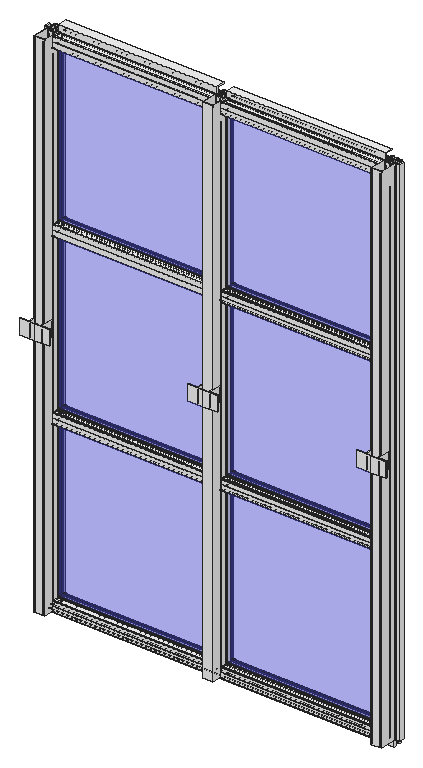
Revit family "Facade_60_Curtain_Wall_I23_Custom", category Windows, host Wall, Revit 2014 (continued)
Definition of nested family "F60 Horizontal Profile Middle_I23_Cust"
  Forms (mm)
    Extrusion 4, solid, material <- "Profile Material"
      sketch origin (0, 0, 0) x (0, 1, 0) y (0, 0, 1)
        loop
          arc (-42.8, 35.551) -> (-43.034, 34.985) -> (-43.6, 34.751) r 0.8
          line (-43.6, 34.751) -> (-58.5, 34.751)
          arc (-58.5, 34.751) -> (-59.066, 34.516) -> (-59.3, 33.951) r 0.8
          line (-59.3, 33.951) -> (-59.3, 32.902) -> (-42.8, 32.902) -> (-42.8, 27.1) -> (-59.3, 27.1) -> (-59.3, 26.049)
          arc (-59.3, 26.049) -> (-59.066, 25.484) -> (-58.5, 25.249) r 0.8
      from 0 to 250 <- "Length"
    Extrusion 5, solid, material <- "Thermal Break Material", visible <- "Single Glazing"
      sketch origin (0, 0, 0) x (0, 1, 0) y (0, 0, 1)
        loop
          arc (-63.8, 25.751) -> (-63.654, 25.397) -> (-63.3, 25.251) r 0.5
          line (-63.3, 25.251) -> (-59.8, 25.251)
          arc (-59.8, 25.251) -> (-59.446, 25.397) -> (-59.3, 25.751) r 0.5
          line (-59.3, 25.751) -> (-59.3, 27.648) -> (-49.599, 27.648) -> (-47.528, 28.651)
          arc (-47.528, 28.651) -> (-46.803, 30.001) -> (-47.528, 31.351) r 1.62
          line (-47.528, 31.351) -> (-49.599, 32.353) -> (-59.3, 32.353) -> (-59.3, 34.251)
          arc (-59.3, 34.251) -> (-59.446, 34.604) -> (-59.8, 34.751) r 0.5
          line (-59.8, 34.751) -> (-63.3, 34.751)
          arc (-63.3, 34.751) -> (-63.654, 34.604) -> (-63.8, 34.251) r 0.5
          line (-63.8, 34.251) -> (-63.8, 32.328) -> (-62.4, 31.52) -> (-62.4, 28.483) -> (-63.8, 27.673) -> (-63.8, 25.751)
        loop
          line (-59.794, 28.506) -> (-59.006, 29.294)
          arc (-59.006, 29.294) -> (-58.788, 29.618) -> (-58.713, 30.001) r 0.986
          arc (-58.713, 30.001) -> (-58.79, 30.384) -> (-59.008, 30.71) r 1.007
          line (-59.008, 30.71) -> (-59.794, 31.496) -> (-60.65, 31.496)
          arc (-60.65, 31.496) -> (-61.004, 31.349) -> (-61.15, 30.996) r 0.5
          line (-61.15, 30.996) -> (-61.15, 29.006)
          arc (-61.15, 29.006) -> (-61.004, 28.652) -> (-60.65, 28.506) r 0.5
          line (-60.65, 28.506) -> (-59.794, 28.506)
        loop
          line (-47.854, 30.898) -> (-49.415, 31.653) -> (-56.782, 31.653)
          arc (-56.782, 31.653) -> (-57.207, 31.417) -> (-57.23, 30.932) r 0.5
          arc (-57.23, 30.932) -> (-57.013, 30.001) -> (-57.23, 29.07) r 2.099
          arc (-57.23, 29.07) -> (-57.207, 28.584) -> (-56.782, 28.348) r 0.5
          line (-56.782, 28.348) -> (-49.415, 28.348) -> (-48.055, 29.007)
          arc (-48.055, 29.007) -> (-47.35, 29.888) -> (-47.854, 30.898) r 1.047
      from 0 to 250 <- "Length"
    Extrusion 6, solid, material <- "Profile Material", visible <- "Single Glazing"
      sketch origin (0, 0, 0) x (0, 1, 0) y (0, 0, 1)
        loop
          line (-63.8, 52.694) -> (-64.8, 52.694) -> (-64.8, 51.544) -> (-66.05, 51.544) -> (-66.05, 57.044) -> (-64.8, 57.044) -> (-64.8, 55.894) -> (-63.8, 55.894) -> (-63.8, 58.294)
          arc (-63.8, 58.294) -> (-64.082, 58.803) -> (-64.664, 58.835) r 0.6
          line (-64.664, 58.835) -> (-66.562, 57.91) -> (-67.088, 58.988) -> (-68.05, 58.519) -> (-68.05, 48.513)
          arc (-68.05, 48.513) -> (-67.874, 48.089) -> (-67.45, 47.913) r 0.6
          line (-67.45, 47.913) -> (-66.6, 47.913) -> (-66.6, 12.09) -> (-67.45, 12.09)
          arc (-67.45, 12.09) -> (-67.874, 11.914) -> (-68.05, 11.49) r 0.6
          line (-68.05, 11.49) -> (-68.05, 1.485) -> (-67.088, 1.016) -> (-66.562, 2.095) -> (-64.663, 1.169)
          arc (-64.663, 1.169) -> (-64.082, 1.2) -> (-63.8, 1.709) r 0.6
          line (-63.8, 1.709) -> (-63.8, 4.109) -> (-64.8, 4.109) -> (-64.8, 2.959) -> (-66.05, 2.959) -> (-66.05, 8.459) -> (-64.8, 8.459) -> (-64.8, 7.309) -> (-63.8, 7.309) -> (-63.8, 27.674) -> (-62.4, 28.483) -> (-62.4, 31.521) -> (-63.8, 32.329) -> (-63.8, 52.694)
      from 0 to 250 <- "Length"
    Extrusion 7, solid, material <- "Profile Material", visible <- "Single Glazing"
      sketch origin (0, 0, 0) x (0, 1, 0) y (0, 0, 1)
        loop
          line (-68.551, 3.3) -> (-76.559, 3.3) -> (-76.559, 30) -> (-76.559, 56.15)
          arc (-76.559, 56.15) -> (-75.739, 58.13) -> (-73.759, 58.95) r 2.8
          line (-73.759, 58.95) -> (-69.151, 58.95) -> (-69.151, 57.2)
          arc (-69.151, 57.2) -> (-68.987, 56.829) -> (-68.601, 56.703) r 0.5
          arc (-68.601, 56.703) -> (-68.216, 56.829) -> (-68.051, 57.2) r 0.5
          line (-68.051, 57.2) -> (-68.051, 58.517) -> (-67.089, 58.986) -> (-66.563, 57.907) -> (-63.866, 59.222)
          arc (-63.866, 59.222) -> (-64.001, 59.762) -> (-64.504, 60) r 0.65
          line (-64.504, 60) -> (-73.859, 60)
          arc (-73.859, 60) -> (-76.687, 58.828) -> (-77.859, 56) r 4
          line (-77.859, 56) -> (-77.859, 30) -> (-77.859, 2.493)
          arc (-77.859, 2.493) -> (-77.197, 0.799) -> (-75.562, 0.002) r 2.5
          arc (-75.562, 0.002) -> (-75.182, 0.132) -> (-75.021, 0.5) r 0.5
          line (-75.021, 0.5) -> (-75.021, 2) -> (-69.151, 2) -> (-69.151, 0.5)
          arc (-69.151, 0.5) -> (-69.005, 0.146) -> (-68.651, 0) r 0.5
          line (-68.651, 0) -> (-64.504, 0)
          arc (-64.504, 0) -> (-64.001, 0.238) -> (-63.866, 0.778) r 0.65
          line (-63.866, 0.778) -> (-66.563, 2.093) -> (-67.089, 1.014) -> (-68.051, 1.483) -> (-68.051, 2.8)
          arc (-68.051, 2.8) -> (-68.198, 3.154) -> (-68.551, 3.3) r 0.5
      from 0 to 250 <- "Length"
    Extrusion 8, solid, material <- "Thermal Break Material", visible <- "Double Glazing"
      sketch origin (0, 0, 0) x (0, 1, 0) y (0, 0, 1)
        loop
          line (-77.8, 27.673) -> (-77.8, 25.751)
          arc (-77.8, 25.751) -> (-77.654, 25.397) -> (-77.3, 25.251) r 0.5
          line (-77.3, 25.251) -> (-59.8, 25.251)
          arc (-59.8, 25.251) -> (-59.446, 25.397) -> (-59.3, 25.751) r 0.5
          line (-59.3, 25.751) -> (-59.3, 27.647) -> (-49.599, 27.647) -> (-47.528, 28.649)
          arc (-47.528, 28.649) -> (-46.803, 29.999) -> (-47.528, 31.349) r 1.62
          line (-47.528, 31.349) -> (-49.602, 32.353) -> (-59.3, 32.353) -> (-59.3, 34.251)
          arc (-59.3, 34.251) -> (-59.446, 34.604) -> (-59.8, 34.751) r 0.5
          line (-59.8, 34.751) -> (-77.3, 34.751)
          arc (-77.3, 34.751) -> (-77.654, 34.604) -> (-77.8, 34.251) r 0.5
          line (-77.8, 34.251) -> (-77.8, 32.327) -> (-76.4, 31.52) -> (-76.4, 28.482) -> (-77.8, 27.673)
        loop
          line (-59.006, 30.708) -> (-61.156, 32.858)
          arc (-61.156, 32.858) -> (-61.48, 33.074) -> (-61.863, 33.151) r 1
          line (-61.863, 33.151) -> (-73.8, 33.151)
          arc (-73.8, 33.151) -> (-74.507, 32.858) -> (-74.8, 32.151) r 1
          line (-74.8, 32.151) -> (-74.8, 27.851)
          arc (-74.8, 27.851) -> (-74.507, 27.144) -> (-73.8, 26.851) r 1
          line (-73.8, 26.851) -> (-61.863, 26.851)
          arc (-61.863, 26.851) -> (-61.48, 26.927) -> (-61.156, 27.144) r 1
          line (-61.156, 27.144) -> (-59.006, 29.294)
          arc (-59.006, 29.294) -> (-58.788, 29.618) -> (-58.713, 30.001) r 0.986
          arc (-58.713, 30.001) -> (-58.79, 30.383) -> (-59.006, 30.708) r 1.007
        loop
          line (-56.782, 28.347) -> (-49.415, 28.347) -> (-48.055, 29.005)
          arc (-48.055, 29.005) -> (-47.35, 29.887) -> (-47.854, 30.896) r 1.047
          line (-47.854, 30.896) -> (-49.415, 31.652) -> (-56.782, 31.652)
          arc (-56.782, 31.652) -> (-57.207, 31.416) -> (-57.23, 30.93) r 0.5
          arc (-57.23, 30.93) -> (-57.013, 29.999) -> (-57.23, 29.068) r 2.099
          arc (-57.23, 29.068) -> (-57.207, 28.583) -> (-56.782, 28.347) r 0.5
      from 0 to 250 <- "Length"
    Extrusion 9, solid, material <- "Profile Material", visible <- "Double Glazing"
      sketch origin (0, 0, 0) x (0, 1, 0) y (0, 0, 1)
        loop
          line (-77.8, 52.694) -> (-78.8, 52.694) -> (-78.8, 51.544) -> (-80.05, 51.544) -> (-80.05, 57.044) -> (-78.8, 57.044) -> (-78.8, 55.894) -> (-77.8, 55.894) -> (-77.8, 58.294)
          arc (-77.8, 58.294) -> (-78.082, 58.802) -> (-78.664, 58.834) r 0.6
          line (-78.664, 58.834) -> (-80.562, 57.909) -> (-81.088, 58.988) -> (-82.05, 58.518) -> (-82.05, 48.512)
          arc (-82.05, 48.512) -> (-81.874, 48.088) -> (-81.45, 47.912) r 0.6
          line (-81.45, 47.912) -> (-80.6, 47.912) -> (-80.6, 12.089) -> (-81.45, 12.089)
          arc (-81.45, 12.089) -> (-81.874, 11.913) -> (-82.05, 11.489) r 0.6
          line (-82.05, 11.489) -> (-82.05, 1.484) -> (-81.088, 1.015) -> (-80.562, 2.094) -> (-78.663, 1.169)
          arc (-78.663, 1.169) -> (-78.082, 1.199) -> (-77.8, 1.708) r 0.6
          line (-77.8, 1.708) -> (-77.8, 4.108) -> (-78.8, 4.108) -> (-78.8, 2.958) -> (-80.05, 2.958) -> (-80.05, 8.458) -> (-78.8, 8.458) -> (-78.8, 7.308) -> (-77.8, 7.308) -> (-77.8, 27.673) -> (-76.4, 28.482) -> (-76.4, 31.52) -> (-77.8, 32.328) -> (-77.8, 52.694)
      from 0 to 250 <- "Length"
    Extrusion 10, solid, material <- "Profile Material", visible <- "Double Glazing"
      sketch origin (0, 0, 0) x (0, 1, 0) y (0, 0, 1)
        loop
          line (-82.551, 3.3) -> (-90.558, 3.3) -> (-90.558, 30) -> (-90.558, 56.15)
          arc (-90.558, 56.15) -> (-89.738, 58.13) -> (-87.758, 58.95) r 2.8
          line (-87.758, 58.95) -> (-83.151, 58.95) -> (-83.151, 57.2)
          arc (-83.151, 57.2) -> (-82.986, 56.829) -> (-82.601, 56.703) r 0.5
          arc (-82.601, 56.703) -> (-82.215, 56.829) -> (-82.051, 57.2) r 0.5
          line (-82.051, 57.2) -> (-82.051, 58.517) -> (-81.088, 58.986) -> (-80.563, 57.907) -> (-77.866, 59.222)
          arc (-77.866, 59.222) -> (-78, 59.762) -> (-78.503, 60) r 0.65
          line (-78.503, 60) -> (-87.858, 60)
          arc (-87.858, 60) -> (-90.687, 58.828) -> (-91.858, 56) r 4
          line (-91.858, 56) -> (-91.858, 30) -> (-91.858, 2.493)
          arc (-91.858, 2.493) -> (-91.196, 0.799) -> (-89.561, 0.002) r 2.5
          arc (-89.561, 0.002) -> (-89.182, 0.132) -> (-89.021, 0.5) r 0.5
          line (-89.021, 0.5) -> (-89.021, 2) -> (-83.151, 2) -> (-83.151, 0.5)
          arc (-83.151, 0.5) -> (-83.004, 0.146) -> (-82.651, 0) r 0.5
          line (-82.651, 0) -> (-78.503, 0)
          arc (-78.503, 0) -> (-78, 0.238) -> (-77.866, 0.778) r 0.65
          line (-77.866, 0.778) -> (-80.563, 2.093) -> (-81.088, 1.014) -> (-82.051, 1.483) -> (-82.051, 2.8)
          arc (-82.051, 2.8) -> (-82.197, 3.154) -> (-82.551, 3.3) r 0.5
      from 0 to 250 <- "Length"
  Dimensions and locks
    aligned and locked: level to plane 2
Definition of nested family "F60 Intermediate Anchor_I23_Cust"
  Parameters (values of type "F60 Intermediate Anchor")
    Profile Material [instance] = none
  Reference planes
    plane 1 "Center (Front/Back)": y = 0
    plane 2: z = 0
    plane 3 "Center (Left/Right)": x = 0
  Forms (mm)
    Extrusion 1, solid, material <- "Profile Material"
      sketch origin (0, 0, 0) x (1, 0, 0) y (0, 1, 0)
        loop
          line (23.715, 89.531) -> (108.716, 89.531) -> (193.716, 89.531) -> (193.716, 92.558)
          arc (193.716, 92.558) -> (192.905, 94.609) -> (190.911, 95.551) r 3
          line (190.911, 95.551) -> (147.753, 95.551)
          arc (147.753, 95.551) -> (146.314, 96.123) -> (145.715, 97.551) r 2
          line (145.715, 97.551) -> (145.715, 166.508)
          arc (145.715, 166.508) -> (144.291, 168.703) -> (141.815, 169.552) r 4.008
          line (141.815, 169.552) -> (140.303, 169.552)
          arc (140.303, 169.552) -> (139.875, 169.378) -> (139.703, 168.95) r 0.588
          line (139.703, 168.95) -> (139.703, 94.268)
          arc (139.703, 94.268) -> (139.579, 93.769) -> (139.115, 93.549) r 0.6
          line (139.115, 93.549) -> (108.715, 93.549) -> (78.422, 93.549)
          arc (78.422, 93.549) -> (77.93, 93.679) -> (77.715, 94.14) r 0.6
          line (77.715, 94.14) -> (77.715, 168.94)
          arc (77.715, 168.94) -> (77.531, 169.368) -> (77.104, 169.54) r 0.588
          line (77.104, 169.54) -> (75.684, 169.54)
          arc (75.684, 169.54) -> (73.185, 168.744) -> (71.713, 166.573) r 4.008
          line (71.713, 166.573) -> (71.713, 97.622)
          arc (71.713, 97.622) -> (71.158, 96.154) -> (69.715, 95.538) r 2
          line (69.715, 95.538) -> (26.715, 95.532)
          arc (26.715, 95.532) -> (24.594, 94.653) -> (23.715, 92.532) r 3
          line (23.715, 92.532) -> (23.715, 89.531)
      from 0 to 85
  Dimensions and locks
    aligned and locked: level to plane 2
